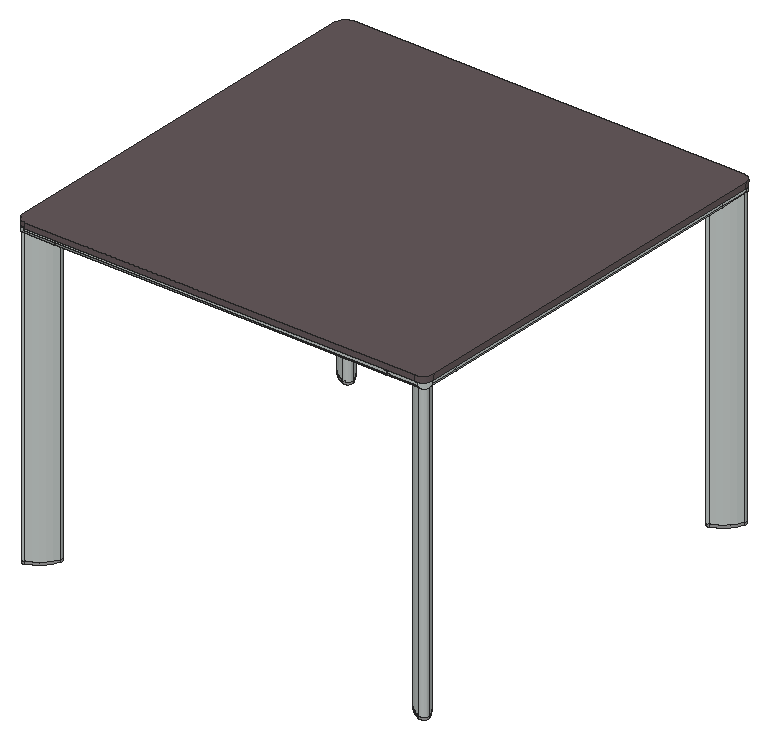
Revit family "FU_Table_Sandler_Laminar 1010", category Furniture, Revit 2020
Family settings
  OmniClass Number = 23.40.20.00
  OmniClass Title = General Furniture and Specialties
  Work Plane-Based = No
  Always vertical = Yes
  Cut with Voids When Loaded = No
  Shared = No
  Room Calculation Point = No
Parameters (values of type "Laminar 1010 (Dining Height)")
  Width = 1000 mm
  URL = "https://www.sandlerseating.com/product/laminar-1010/"
  Top [instance] = Wood - Oak - Wenge
  Model = "Laminar 1010"
  Manufacturer = "Sandler"
  Height = 750 mm
  Frame [instance] = Epoxy - M1_Aluminum
  Description = "100cm x 100cm / 36″ x 36″ table on epoxy painted frame."
  Depth = Width  # 1000 mm
  Default Elevation = 0 mm
Types (4, lengths in mm): name | Top | Height | Frame
  (no name) | Wood - Oak - Wenge | 750 | Epoxy - M1_Aluminum
  Laminar 1010 (Dining Height) | Wood - Oak - Wenge | 750 | Epoxy - M1_Aluminum
  Laminar 1010 (Counter Height) | Wood - Oak - Wenge | 900 | Epoxy - M2_V16
  Laminar 1010 (Bar Height) | HPL - Solid - White | 1050 | Epoxy - M1_B00 - Black
Reference planes
  plane 1 "Center (Front/Back)": y = 0
  plane 2: z = 0
  plane 3 "Center (Left/Right)": x = 0
  plane 4 "Right": x = -500
  plane 5 "Left": x = 500
  plane 6 "Back": y = 500
  plane 7 "Front": y = -500
  plane 8 "Height": z = 750
  plane 9 "Top Frame Base": z = 737
  plane 10 "Frame Edge Right TOP": x = -405
  plane 11 "Frame Edge Left TOP": x = 405
  plane 12 "Frame Edge Front TOP": y = -405
  plane 13 "Frame Edge Back TOP": y = 405
  plane 14 "Right Leg C TOP": x = -462.984
  plane 15 "Back Leg C TOP": y = 462.984
  plane 16 "Front Leg C TOP": y = -462.984
  plane 17 "Left C TOP": x = 462.984
  plane 18 "Glide Height": z = 6
  plane 19 "Frame Base FRONT": z = 696.108
Forms (mm)
  Extrusion 1, solid, material "Wood - Oak - Wenge" <- "Top"
    sketch origin (0, 0, 750) x (-1, 0, 0) y (0, -1, 0)
      loop
        arc (475, -500) -> (492.678, -492.678) -> (500, -475) r 25
        line (500, -475) -> (500, 475)
        arc (500, 475) -> (492.678, 492.678) -> (475, 500) r 25
        line (475, 500) -> (-475, 500)
        arc (-475, 500) -> (-492.678, 492.678) -> (-500, 475) r 25
        line (-500, 475) -> (-500, -475)
        arc (-500, -475) -> (-492.678, -492.678) -> (-475, -500) r 25
        line (-475, -500) -> (475, -500)
    from 0 to -13
  Sweep 2, solid, material "Epoxy - M1_Aluminum" <- "Frame"
    path origin (0, 0, 737) x (-1, 0, 0) y (0, -1, 0)
      loop
        line (-405, 500) -> (405, 500)
    profile "Pro_Laminar_Frame : Pro_Laminar_Frame" origin (0, -500, 737) x (0, -1, 0) y (0, 0, 1)
      loop
        arc (-78.25, 0) -> (-78.959, -0.294) -> (-79.252, -1.003) r 1.003
        line (-79.252, -1.003) -> (-79.252, -40.038)
        arc (-79.252, -40.038) -> (-78.971, -40.718) -> (-78.29, -41) r 0.962
        line (-78.29, -41) -> (-56.47, -41)
        arc (-56.47, -41) -> (-49.536, -40.019) -> (-43.146, -37.154) r 25
        line (-43.146, -37.154) -> (-3.835, -12.393)
        arc (-3.835, -12.393) -> (-2.123, -10.579) -> (-1.5, -8.162) r 5
        line (-1.5, -8.162) -> (-1.5, -0.534)
        arc (-1.5, -0.534) -> (-1.656, -0.156) -> (-2.034, 0) r 0.534
        line (-2.034, 0) -> (-78.25, 0)
  Sweep 3, solid, material "Epoxy - M1_Aluminum" <- "Frame"
    path origin (0, 0, 737) x (-1, 0, 0) y (0, -1, 0)
      loop
        line (500, 405) -> (500, -405)
    profile "Pro_Laminar_Frame : Pro_Laminar_Frame" origin (-500, 0, 737) x (-1, 0, 0) y (0, 0, 1)
      loop
        arc (-78.25, 0) -> (-78.959, -0.294) -> (-79.252, -1.003) r 1.003
        line (-79.252, -1.003) -> (-79.252, -40.038)
        arc (-79.252, -40.038) -> (-78.971, -40.718) -> (-78.29, -41) r 0.962
        line (-78.29, -41) -> (-56.47, -41)
        arc (-56.47, -41) -> (-49.536, -40.019) -> (-43.146, -37.154) r 25
        line (-43.146, -37.154) -> (-3.835, -12.393)
        arc (-3.835, -12.393) -> (-2.123, -10.579) -> (-1.5, -8.162) r 5
        line (-1.5, -8.162) -> (-1.5, -0.534)
        arc (-1.5, -0.534) -> (-1.656, -0.156) -> (-2.034, 0) r 0.534
        line (-2.034, 0) -> (-78.25, 0)
  Sweep 4, solid, material "Epoxy - M1_Aluminum" <- "Frame"
    path origin (0, 0, 737) x (-1, 0, 0) y (0, -1, 0)
      loop
        line (405, -500) -> (-405, -500)
    profile "Pro_Laminar_Frame : Pro_Laminar_Frame" origin (0, 500, 737) x (0, 1, 0) y (0, 0, 1)
      loop
        arc (-78.25, 0) -> (-78.959, -0.294) -> (-79.252, -1.003) r 1.003
        line (-79.252, -1.003) -> (-79.252, -40.038)
        arc (-79.252, -40.038) -> (-78.971, -40.718) -> (-78.29, -41) r 0.962
        line (-78.29, -41) -> (-56.47, -41)
        arc (-56.47, -41) -> (-49.536, -40.019) -> (-43.146, -37.154) r 25
        line (-43.146, -37.154) -> (-3.835, -12.393)
        arc (-3.835, -12.393) -> (-2.123, -10.579) -> (-1.5, -8.162) r 5
        line (-1.5, -8.162) -> (-1.5, -0.534)
        arc (-1.5, -0.534) -> (-1.656, -0.156) -> (-2.034, 0) r 0.534
        line (-2.034, 0) -> (-78.25, 0)
  Sweep 5, solid, material "Epoxy - M1_Aluminum" <- "Frame"
    path origin (0, 0, 737) x (-1, 0, 0) y (0, -1, 0)
      loop
        line (-500, 405) -> (-500, -405)
    profile "Pro_Laminar_Frame : Pro_Laminar_Frame" origin (500, 0, 737) x (-1, 0, 0) y (0, 0, 1)
      loop
        line (78.25, 0) -> (2.034, 0)
        arc (2.034, 0) -> (1.656, -0.156) -> (1.5, -0.534) r 0.534
        line (1.5, -0.534) -> (1.5, -8.162)
        arc (1.5, -8.162) -> (2.123, -10.579) -> (3.835, -12.393) r 5
        line (3.835, -12.393) -> (43.146, -37.154)
        arc (43.146, -37.154) -> (49.536, -40.019) -> (56.47, -41) r 25
        line (56.47, -41) -> (78.29, -41)
        arc (78.29, -41) -> (78.971, -40.718) -> (79.252, -40.038) r 0.962
        line (79.252, -40.038) -> (79.252, -1.003)
        arc (79.252, -1.003) -> (78.959, -0.294) -> (78.25, 0) r 1.003
  Sweep 6, solid, material "Epoxy - M1_Aluminum" <- "Frame"
    path origin (0, 462.984, 0) x (1, 0, 0) y (0, 0, 1)
      loop
        line (-462.984, 6) -> (-462.984, 737)
    profile "Pro_Laminar_Leg : Pro_Laminar_Leg" origin (-462.984, 462.984, 371.5) x (-1, 0, 0) y (0, -1, 0)
      loop
        arc (-16.792, 30.86) -> (-28.302, 28.302) -> (-30.86, 16.792) r 10.982
        arc (-30.86, 16.792) -> (-12.33, -12.33) -> (16.792, -30.86) r 79.547
        arc (16.792, -30.86) -> (28.302, -28.302) -> (30.86, -16.792) r 10.982
        arc (30.86, -16.792) -> (12.33, 12.33) -> (-16.792, 30.86) r 79.547
  Sweep 7, solid, material "Epoxy - M1_Aluminum" <- "Frame"
    path origin (0, -462.984, 0) x (1, 0, 0) y (0, 0, 1)
      loop
        line (-462.984, 6) -> (-462.984, 737)
    profile "Pro_Laminar_Leg : Pro_Laminar_Leg" origin (-462.984, -462.984, 371.5) x (-1, 0, 0) y (0, -1, 0)
      loop
        arc (-30.86, -16.792) -> (-28.302, -28.302) -> (-16.792, -30.86) r 10.982
        arc (-16.792, -30.86) -> (12.33, -12.33) -> (30.86, 16.792) r 79.547
        arc (30.86, 16.792) -> (28.302, 28.302) -> (16.792, 30.86) r 10.982
        arc (16.792, 30.86) -> (-12.33, 12.33) -> (-30.86, -16.792) r 79.547
  Sweep 8, solid, material "Epoxy - M1_Aluminum" <- "Frame"
    path origin (0, -462.984, 0) x (1, 0, 0) y (0, 0, 1)
      loop
        line (462.984, 6) -> (462.984, 737)
    profile "Pro_Laminar_Leg : Pro_Laminar_Leg" origin (462.984, -462.984, 371.5) x (-1, 0, 0) y (0, -1, 0)
      loop
        arc (-16.792, 30.86) -> (-28.302, 28.302) -> (-30.86, 16.792) r 10.982
        arc (-30.86, 16.792) -> (-12.33, -12.33) -> (16.792, -30.86) r 79.547
        arc (16.792, -30.86) -> (28.302, -28.302) -> (30.86, -16.792) r 10.982
        arc (30.86, -16.792) -> (12.33, 12.33) -> (-16.792, 30.86) r 79.547
  Sweep 9, solid, material "Epoxy - M1_Aluminum" <- "Frame"
    path origin (0, 462.984, 0) x (1, 0, 0) y (0, 0, 1)
      loop
        line (462.984, 6) -> (462.984, 737)
    profile "Pro_Laminar_Leg : Pro_Laminar_Leg" origin (462.984, 462.984, 371.5) x (-1, 0, 0) y (0, -1, 0)
      loop
        arc (-30.86, -16.792) -> (-28.302, -28.302) -> (-16.792, -30.86) r 10.982
        arc (-16.792, -30.86) -> (12.33, -12.33) -> (30.86, 16.792) r 79.547
        arc (30.86, 16.792) -> (28.302, 28.302) -> (16.792, 30.86) r 10.982
        arc (16.792, 30.86) -> (-12.33, 12.33) -> (-30.86, -16.792) r 79.547
  Sweep 10, solid, material "Rubber, Black"
    path origin (0, 462.984, 0) x (1, 0, 0) y (0, 0, 1)
      loop
        line (462.984, 0) -> (462.984, 6)
    profile "Pro_Laminar_Leg : Pro_Laminar_Leg" origin (462.984, 462.984, 3) x (-1, 0, 0) y (0, -1, 0)
      loop
        arc (-30.86, -16.792) -> (-28.302, -28.302) -> (-16.792, -30.86) r 10.982
        arc (-16.792, -30.86) -> (12.33, -12.33) -> (30.86, 16.792) r 79.547
        arc (30.86, 16.792) -> (28.302, 28.302) -> (16.792, 30.86) r 10.982
        arc (16.792, 30.86) -> (-12.33, 12.33) -> (-30.86, -16.792) r 79.547
  Sweep 11, solid, material "Rubber, Black"
    path origin (0, 462.984, 0) x (1, 0, 0) y (0, 0, 1)
      loop
        line (-462.984, 0) -> (-462.984, 6)
    profile "Pro_Laminar_Leg : Pro_Laminar_Leg" origin (-462.984, 462.984, 3) x (-1, 0, 0) y (0, -1, 0)
      loop
        arc (-16.792, 30.86) -> (-28.302, 28.302) -> (-30.86, 16.792) r 10.982
        arc (-30.86, 16.792) -> (-12.33, -12.33) -> (16.792, -30.86) r 79.547
        arc (16.792, -30.86) -> (28.302, -28.302) -> (30.86, -16.792) r 10.982
        arc (30.86, -16.792) -> (12.33, 12.33) -> (-16.792, 30.86) r 79.547
  Sweep 12, solid, material "Rubber, Black"
    path origin (0, -462.984, 0) x (1, 0, 0) y (0, 0, 1)
      loop
        line (-462.984, 0) -> (-462.984, 6)
    profile "Pro_Laminar_Leg : Pro_Laminar_Leg" origin (-462.984, -462.984, 3) x (-1, 0, 0) y (0, -1, 0)
      loop
        arc (-30.86, -16.792) -> (-28.302, -28.302) -> (-16.792, -30.86) r 10.982
        arc (-16.792, -30.86) -> (12.33, -12.33) -> (30.86, 16.792) r 79.547
        arc (30.86, 16.792) -> (28.302, 28.302) -> (16.792, 30.86) r 10.982
        arc (16.792, 30.86) -> (-12.33, 12.33) -> (-30.86, -16.792) r 79.547
  Sweep 13, solid, material "Rubber, Black"
    path origin (0, -462.984, 0) x (1, 0, 0) y (0, 0, 1)
      loop
        line (462.984, 0) -> (462.984, 6)
    profile "Pro_Laminar_Leg : Pro_Laminar_Leg" origin (462.984, -462.984, 3) x (-1, 0, 0) y (0, -1, 0)
      loop
        arc (-16.792, 30.86) -> (-28.302, 28.302) -> (-30.86, 16.792) r 10.982
        arc (-30.86, 16.792) -> (-12.33, -12.33) -> (16.792, -30.86) r 79.547
        arc (16.792, -30.86) -> (28.302, -28.302) -> (30.86, -16.792) r 10.982
        arc (30.86, -16.792) -> (12.33, 12.33) -> (-16.792, 30.86) r 79.547
  Sweep 14, solid, material "Epoxy - M1_Aluminum" <- "Frame"
    path origin (0, 0, 737) x (-1, 0, 0) y (0, -1, 0)
      loop
        line (-405, 498.5) -> (-498.5, 498.5) -> (-498.5, 405)
    profile "Pro_Laminar_Frame : Pro_Laminar_Frame" origin (451.75, -498.5, 737) x (0, 1, 0) y (0, 0, 1)
      loop
        line (76.75, 0) -> (0.534, 0)
        arc (0.534, 0) -> (0.156, -0.156) -> (0, -0.534) r 0.534
        line (0, -0.534) -> (0, -8.162)
        arc (0, -8.162) -> (0.623, -10.579) -> (2.335, -12.393) r 5
        line (2.335, -12.393) -> (41.646, -37.154)
        arc (41.646, -37.154) -> (48.036, -40.019) -> (54.97, -41) r 25
        line (54.97, -41) -> (76.79, -41)
        arc (76.79, -41) -> (77.471, -40.718) -> (77.752, -40.038) r 0.962
        line (77.752, -40.038) -> (77.752, -1.003)
        arc (77.752, -1.003) -> (77.459, -0.294) -> (76.75, 0) r 1.003
  Extrusion 15, void
    sketch origin (0, 0, 737) x (-1, 0, 0) y (0, -1, 0)
      loop
        line (-474.12, 499.12) -> (-474.12, 514.12) -> (-514.12, 514.12) -> (-514.12, 474.12) -> (-499.12, 474.12)
        arc (-499.12, 474.12) -> (-491.798, 491.798) -> (-474.12, 499.12) r 25
    from -40.892 to 13
  Sweep 16, solid, material "Epoxy - M1_Aluminum" <- "Frame"
    path origin (0, 0, 737) x (1, 0, 0) y (0, -1, 0)
      loop
        line (-405, 498.5) -> (-498.5, 498.5) -> (-498.5, 405)
    profile "Pro_Laminar_Frame : Pro_Laminar_Frame" origin (-451.75, -498.5, 737) x (0, -1, 0) y (0, 0, 1)
      loop
        arc (-76.75, 0) -> (-77.459, -0.294) -> (-77.752, -1.003) r 1.003
        line (-77.752, -1.003) -> (-77.752, -40.038)
        arc (-77.752, -40.038) -> (-77.471, -40.718) -> (-76.79, -41) r 0.962
        line (-76.79, -41) -> (-54.97, -41)
        arc (-54.97, -41) -> (-48.036, -40.019) -> (-41.646, -37.154) r 25
        line (-41.646, -37.154) -> (-2.335, -12.393)
        arc (-2.335, -12.393) -> (-0.623, -10.579) -> (0, -8.162) r 5
        line (0, -8.162) -> (0, -0.534)
        arc (0, -0.534) -> (-0.156, -0.156) -> (-0.534, 0) r 0.534
        line (-0.534, 0) -> (-76.75, 0)
  Sweep 17, solid, material "Epoxy - M1_Aluminum" <- "Frame"
    path origin (0, 0, 737) x (1, 0, 0) y (0, 1, 0)
      loop
        line (-405, 498.5) -> (-498.5, 498.5) -> (-498.5, 405)
    profile "Pro_Laminar_Frame : Pro_Laminar_Frame" origin (-451.75, 498.5, 737) x (0, -1, 0) y (0, 0, 1)
      loop
        line (76.75, 0) -> (0.534, 0)
        arc (0.534, 0) -> (0.156, -0.156) -> (0, -0.534) r 0.534
        line (0, -0.534) -> (0, -8.162)
        arc (0, -8.162) -> (0.623, -10.579) -> (2.335, -12.393) r 5
        line (2.335, -12.393) -> (41.646, -37.154)
        arc (41.646, -37.154) -> (48.036, -40.019) -> (54.97, -41) r 25
        line (54.97, -41) -> (76.79, -41)
        arc (76.79, -41) -> (77.471, -40.718) -> (77.752, -40.038) r 0.962
        line (77.752, -40.038) -> (77.752, -1.003)
        arc (77.752, -1.003) -> (77.459, -0.294) -> (76.75, 0) r 1.003
  Sweep 18, solid, material "Epoxy - M1_Aluminum" <- "Frame"
    path origin (0, 0, 737) x (-1, 0, 0) y (0, 1, 0)
      loop
        line (-405, 498.5) -> (-498.5, 498.5) -> (-498.5, 405)
    profile "Pro_Laminar_Frame : Pro_Laminar_Frame" origin (451.75, 498.5, 737) x (0, 1, 0) y (0, 0, 1)
      loop
        arc (-76.75, 0) -> (-77.459, -0.294) -> (-77.752, -1.003) r 1.003
        line (-77.752, -1.003) -> (-77.752, -40.038)
        arc (-77.752, -40.038) -> (-77.471, -40.718) -> (-76.79, -41) r 0.962
        line (-76.79, -41) -> (-54.97, -41)
        arc (-54.97, -41) -> (-48.036, -40.019) -> (-41.646, -37.154) r 25
        line (-41.646, -37.154) -> (-2.335, -12.393)
        arc (-2.335, -12.393) -> (-0.623, -10.579) -> (0, -8.162) r 5
        line (0, -8.162) -> (0, -0.534)
        arc (0, -0.534) -> (-0.156, -0.156) -> (-0.534, 0) r 0.534
        line (-0.534, 0) -> (-76.75, 0)
  Extrusion 19, void
    sketch origin (0, 0, 737) x (1, 0, 0) y (0, 1, 0)
      loop
        arc (-474.12, -499.12) -> (-491.798, -491.798) -> (-499.12, -474.12) r 25
        line (-499.12, -474.12) -> (-514.12, -474.12) -> (-514.12, -514.12) -> (-474.12, -514.12) -> (-474.12, -499.12)
    from -40.892 to 13
  Extrusion 20, void
    sketch origin (0, 0, 737) x (1, 0, 0) y (0, 1, 0)
      loop
        line (-474.12, 499.12) -> (-474.12, 514.12) -> (-514.12, 514.12) -> (-514.12, 474.12) -> (-499.12, 474.12)
        arc (-499.12, 474.12) -> (-491.798, 491.798) -> (-474.12, 499.12) r 25
    from -40.892 to 13
  Extrusion 21, void
    sketch origin (0, 0, 737) x (-1, 0, 0) y (0, -1, 0)
      loop
        arc (-474.12, -499.12) -> (-491.798, -491.798) -> (-499.12, -474.12) r 25
        line (-499.12, -474.12) -> (-514.12, -474.12) -> (-514.12, -514.12) -> (-474.12, -514.12) -> (-474.12, -499.12)
    from -40.892 to 13
Cuts and joins
  Extrusion 20 cuts Sweep 17
  Extrusion 21 cuts Sweep 18
  Extrusion 15 cuts Sweep 14
  Extrusion 19 cuts Sweep 16
Dimensions and locks
  equal spacing: plane 4 "Right", plane 3 "Center (Left/Right)", plane 5 "Left"
  "Width": plane 4 "Right" to plane 5 "Left"
  equal spacing: plane 6 "Back", plane 1 "Center (Front/Back)", plane 7 "Front"
  "Depth": plane 6 "Back" to plane 7 "Front"
  "Height": plane 8 "Height" to level
  locked: plane 8 "Height" to plane 9 "Top Frame Base" at 13
  plane 4 "Right" to plane 14 "Right Leg C TOP" to plane 10 "Frame Edge Right TOP" = 37.016 mm locked, 57.984 mm locked
  plane 12 "Frame Edge Front TOP" to plane 16 "Front Leg C TOP" to plane 7 "Front" = 57.984 mm locked, 37.016 mm locked
  plane 6 "Back" to plane 15 "Back Leg C TOP" to plane 13 "Frame Edge Back TOP" = 37.016 mm locked, 57.984 mm locked
  plane 11 "Frame Edge Left TOP" to plane 17 "Left C TOP" to plane 5 "Left" = 57.984 mm locked, 37.016 mm locked
  locked: plane 18 "Glide Height" to plane 2 at 6
  aligned and locked: level to plane 2
  aligned and locked: plane 10 "Frame Edge Right TOP" to Sweep 2 sketch curve
  aligned and locked: plane 11 "Frame Edge Left TOP" to Sweep 2 sketch curve
  aligned and locked: plane 13 "Frame Edge Back TOP" to Sweep 3 sketch curve
  aligned and locked: plane 4 "Right" to Sweep 3 sketch curve
  aligned and locked: plane 10 "Frame Edge Right TOP" to Sweep 4 sketch curve
  aligned and locked: plane 11 "Frame Edge Left TOP" to Sweep 4 sketch curve
  aligned and locked: plane 13 "Frame Edge Back TOP" to Sweep 5 sketch curve
  aligned and locked: plane 12 "Frame Edge Front TOP" to Sweep 5 sketch curve
  aligned and locked: Extrusion 1 sketch curve to plane 4 "Right"
  aligned and locked: Extrusion 1 sketch curve to plane 6 "Back"
  aligned and locked: plane 7 "Front" to Extrusion 1 sketch curve
  aligned and locked: plane 5 "Left" to Extrusion 1 sketch curve
  aligned and locked: plane 9 "Top Frame Base" to Sweep 6 sketch curve
  aligned and locked: plane 18 "Glide Height" to Sweep 6 sketch curve
  aligned and locked: plane 9 "Top Frame Base" to Sweep 7 sketch curve
  aligned and locked: plane 18 "Glide Height" to Sweep 7 sketch curve
  aligned and locked: plane 9 "Top Frame Base" to Sweep 8 sketch curve
  aligned and locked: plane 18 "Glide Height" to Sweep 8 sketch curve
  aligned and locked: plane 9 "Top Frame Base" to Sweep 9 sketch curve
  aligned and locked: plane 18 "Glide Height" to Sweep 9 sketch curve
  aligned and locked: plane 18 "Glide Height" to Sweep 10 sketch curve
  aligned and locked: plane 2 to Sweep 10 sketch curve
  aligned and locked: plane 18 "Glide Height" to Sweep 11 sketch curve
  aligned and locked: plane 2 to Sweep 11 sketch curve
  aligned and locked: plane 2 to Sweep 12 sketch curve
  aligned and locked: plane 18 "Glide Height" to Sweep 12 sketch curve
  aligned and locked: plane 2 to Sweep 13 sketch curve
  aligned and locked: plane 18 "Glide Height" to Sweep 13 sketch curve
  aligned and locked: Extrusion 15 to plane 19 "Frame Base FRONT"
  aligned and locked: plane 8 "Height" to Extrusion 15
  aligned and locked: Sweep 18 to plane 11 "Frame Edge Left TOP"
  aligned and locked: Sweep 18 to plane 13 "Frame Edge Back TOP"
  aligned and locked: Sweep 14 to plane 12 "Frame Edge Front TOP"
  aligned and locked: Sweep 14 to plane 11 "Frame Edge Left TOP"
  aligned and locked: Sweep 16 to plane 10 "Frame Edge Right TOP"
  aligned and locked: Sweep 16 to plane 12 "Frame Edge Front TOP"
  aligned and locked: Sweep 17 to plane 13 "Frame Edge Back TOP"
  aligned and locked: Sweep 17 to plane 10 "Frame Edge Right TOP"
Automatic sketch dimensions
  Extrusion 1 sketch curve to plane 15 "Back Leg C TOP" = 12.016 mm
  Extrusion 1 sketch curve to plane 17 "Left C TOP" = 12.016 mm
  plane 14 "Right Leg C TOP" to Extrusion 1 sketch curve = 12.016 mm  (x2)
  Sweep 2 sketch curve to plane 7 "Front" = 0 mm
  plane 12 "Frame Edge Front TOP" to Sweep 3 sketch curve = 0 mm
  Sweep 4 sketch curve to plane 6 "Back" = 0 mm
  Sweep 5 sketch curve to plane 5 "Left" = 0 mm
  plane 14 "Right Leg C TOP" to Sweep 6 sketch curve = 0 mm
  plane 14 "Right Leg C TOP" to Sweep 7 sketch curve = 0 mm
  plane 17 "Left C TOP" to Sweep 8 sketch curve = 0 mm
  plane 17 "Left C TOP" to Sweep 9 sketch curve = 0 mm
  plane 17 "Left C TOP" to Sweep 10 sketch curve = 0 mm
  plane 14 "Right Leg C TOP" to Sweep 11 sketch curve = 0 mm
  plane 14 "Right Leg C TOP" to Sweep 12 sketch curve = 0 mm
  plane 17 "Left C TOP" to Sweep 13 sketch curve = 0 mm
  plane 12 "Frame Edge Front TOP" to Sweep 14 sketch curve = 0 mm
  Sweep 14 sketch curve to plane 11 "Frame Edge Left TOP" = 0 mm
  plane 5 "Left" to Sweep 14 sketch curve = 1.5 mm
  plane 7 "Front" to Sweep 14 sketch curve = 1.5 mm
  Extrusion 15 sketch curve to plane 5 "Left" = 14.12 mm
  plane 5 "Left" to Extrusion 15 sketch curve = 0.88 mm
  plane 7 "Front" to Extrusion 15 sketch curve = 0.88 mm
  Extrusion 15 sketch curve to plane 17 "Left C TOP" = 11.136 mm
  Extrusion 15 sketch curve to plane 7 "Front" = 14.12 mm
  plane 12 "Frame Edge Front TOP" to Sweep 16 sketch curve = 0 mm
  Sweep 16 sketch curve to plane 10 "Frame Edge Right TOP" = 0 mm
  plane 4 "Right" to Sweep 16 sketch curve = 1.5 mm
  Sweep 16 sketch curve to plane 7 "Front" = 1.5 mm
  Sweep 17 sketch curve to plane 13 "Frame Edge Back TOP" = 0 mm
  Sweep 17 sketch curve to plane 10 "Frame Edge Right TOP" = 0 mm
  Sweep 17 sketch curve to plane 4 "Right" = 1.5 mm
  Sweep 17 sketch curve to plane 6 "Back" = 1.5 mm
  Sweep 18 sketch curve to plane 13 "Frame Edge Back TOP" = 0 mm
  Sweep 18 sketch curve to plane 11 "Frame Edge Left TOP" = 0 mm
  Sweep 18 sketch curve to plane 5 "Left" = 1.5 mm
  plane 6 "Back" to Sweep 18 sketch curve = 1.5 mm
  Extrusion 19 sketch curve to plane 4 "Right" = 14.12 mm
  plane 4 "Right" to Extrusion 19 sketch curve = 0.88 mm
  Extrusion 19 sketch curve to plane 7 "Front" = 0.88 mm
  Extrusion 19 sketch curve to plane 14 "Right Leg C TOP" = 11.136 mm
  plane 7 "Front" to Extrusion 19 sketch curve = 14.12 mm
  plane 4 "Right" to Extrusion 20 sketch curve = 14.12 mm
  Extrusion 20 sketch curve to plane 4 "Right" = 0.88 mm
  Extrusion 20 sketch curve to plane 6 "Back" = 0.88 mm
  plane 14 "Right Leg C TOP" to Extrusion 20 sketch curve = 11.136 mm
  plane 6 "Back" to Extrusion 20 sketch curve = 14.12 mm
  plane 5 "Left" to Extrusion 21 sketch curve = 14.12 mm
  Extrusion 21 sketch curve to plane 5 "Left" = 0.88 mm
  plane 6 "Back" to Extrusion 21 sketch curve = 0.88 mm
  plane 17 "Left C TOP" to Extrusion 21 sketch curve = 11.136 mm
  Extrusion 21 sketch curve to plane 6 "Back" = 14.12 mm
